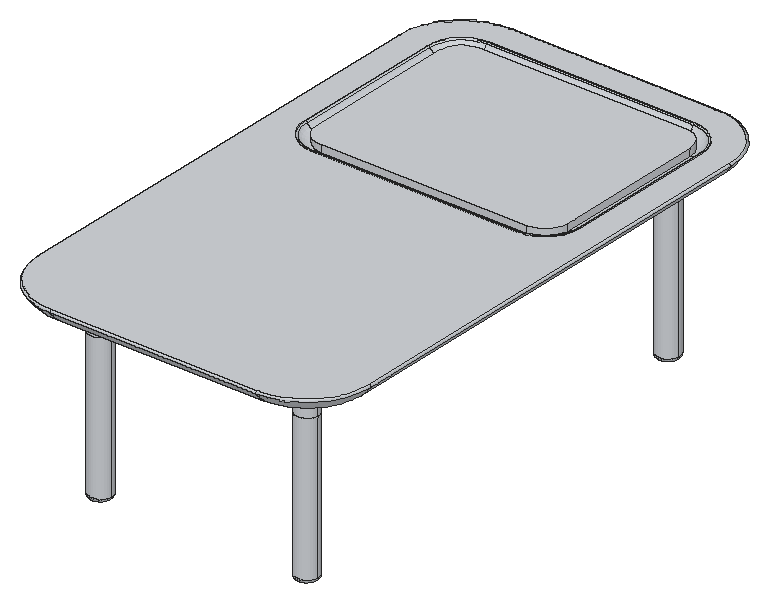
Revit family "TakeNote_RFA", category Furniture, Revit 2015
Parameters (values of type "Poppin Take Note 46" x 15" x 24"")
  Width = 46"
  URL = "http://www.poppin.com"
  Small Leg = yes
  Part additional = no
  Manufacturer = "Poppin, Inc."
  Tables = none
  Height = 15"
  Description = "Take Note Coffee Table"
  Depth = 24"
  Paper Pads = none
  Copyright = "Copyright © Poppin, Inc."
Types (3): name | Small Leg | Part additional | Height | Description
  (no name) | yes | no | 15" | "Take Note Coffee Table"
  Poppin Take Note 46" x 15" x 24" | yes | no | 15" | "Take Note Coffee Table"
  Poppin Take Note 46" x 13" x 24" | no | yes | 13" | "Cleo Credenza"
Reference planes (in)
  plane 1 "Center (Front/Back)": y = 0
  plane 2: z = 0
  plane 3 "Center (Left/Right)": x = 0
  plane 4: z = 15
  plane 5: z = 11.5
Forms (in)
  Extrusion 1, solid, material <- "Paper Pads", not visible
    sketch origin (0, 0, 0) x (1, 0, 0) y (0, 0, 1)
      loop
        arc (-25.17695, 28.00042) -> (-25.70728, 27.78075) -> (-25.92695, 27.25042) r 0.75
        line (-25.92695, 27.25042) -> (-25.92695, 5)
        arc (-25.92695, 5) -> (-25.70728, 4.46967) -> (-25.17695, 4.25) r 0.75
        line (-25.17695, 4.25) -> (25.36845, 4.25)
        arc (25.36845, 4.25) -> (25.86597, 4.45608) -> (26.07205, 4.95361) r 0.70361
        line (26.07205, 4.95361) -> (26.07205, 27.29762)
        arc (26.07205, 27.29762) -> (25.86621, 27.79457) -> (25.36926, 28.00042) r 0.7028
        line (25.36926, 28.00042) -> (-25.17695, 28.00042)
      loop
        arc (25.57205, 27.29762) -> (25.51266, 27.44102) -> (25.36926, 27.50042) r 0.2028
        line (25.36926, 27.50042) -> (-25.17695, 27.50042)
        arc (-25.17695, 27.50042) -> (-25.35372, 27.42719) -> (-25.42695, 27.25042) r 0.25
        line (-25.42695, 27.25042) -> (-25.42695, 5)
        arc (-25.42695, 5) -> (-25.35372, 4.82322) -> (-25.17695, 4.75) r 0.25
        line (-25.17695, 4.75) -> (25.36845, 4.75)
        arc (25.36845, 4.75) -> (25.51242, 4.80964) -> (25.57205, 4.95361) r 0.20361
        line (25.57205, 4.95361) -> (25.57205, 27.29762)
    from -8.28354 to 8.23024
  Extrusion 2, solid, material <- "Paper Pads", not visible
    sketch origin (0, 0, 0) x (1, 0, 0) y (0, 0, 1)
      loop
        line (25.36926, 28.00042) -> (-25.17695, 28.00042)
        arc (-25.17695, 28.00042) -> (-25.70728, 27.78075) -> (-25.92695, 27.25042) r 0.75
        line (-25.92695, 27.25042) -> (-25.92695, 5)
        arc (-25.92695, 5) -> (-25.70728, 4.46967) -> (-25.17695, 4.25) r 0.75
        line (-25.17695, 4.25) -> (25.36845, 4.25)
        arc (25.36845, 4.25) -> (25.86597, 4.45608) -> (26.07205, 4.95361) r 0.70361
        line (26.07205, 4.95361) -> (26.07205, 27.29762)
        arc (26.07205, 27.29762) -> (25.86621, 27.79457) -> (25.36926, 28.00042) r 0.7028
      loop
        circle (-19.36348, 22.50565) r 1
      loop
        circle (-6.36348, 22.50565) r 1
      loop
        circle (-19.36348, 9.50565) r 1
      loop
        circle (-6.36348, 9.50565) r 1
      loop
        circle (6.51152, 9.50565) r 1
      loop
        circle (19.51152, 9.50565) r 1
      loop
        circle (6.51152, 22.50565) r 1
      loop
        circle (19.51152, 22.50565) r 1
    from -8.76976 to -8.28354
  Extrusion 3, solid, material <- "Paper Pads", not visible
    sketch origin (0, 0, 0) x (1, 0, 0) y (0, 0, 1)
      loop
        line (-0.29498, 27.25) -> (-0.29498, 5) -> (0.45502, 5) -> (0.45502, 27.25) -> (-0.29498, 27.25)
    from -8.28354 to 8.26961
  Extrusion 4, solid, material <- "Paper Pads", not visible
    sketch origin (0, 0, 0) x (1, 0, 0) y (0, 0, 1)
      loop
        line (-25.11093, 16.5) -> (-25.11093, 15.75) -> (-0.35404, 15.75) -> (-0.35404, 16.5) -> (-25.11093, 16.5)
      loop
        line (0.51407, 16.5) -> (0.51407, 15.75) -> (25.27096, 15.75) -> (25.27096, 16.5) -> (0.51407, 16.5)
    from -7.65854 to 7.99446
  Revolve 5, void, not visible
    sketch origin (-24.4582, 0, 28.00042) x (1, 0, 0) y (0, 1, 0)
      loop
        arc (18.52875, -7.8803) -> (18.25198, -7.99408) -> (18.13524, -8.26961) r 0.39353
        line (18.13524, -8.26961) -> (30.87244, -8.26961)
        arc (30.87244, -8.26961) -> (30.7557, -7.99408) -> (30.47893, -7.8803) r 0.39353
        line (30.47893, -7.8803) -> (18.52875, -7.8803)
      axis (18.13524, -8.26961) -> (30.87244, -8.26961)
    angle from 0 to 90
  Extrusion 6, solid, material <- "Tables"
    sketch origin (0, 0, 0) x (1, 0, 0) y (0, 1, 0)
      loop
        arc (-8.0428, 22.40251) -> (-11.50594, 20.96803) -> (-12.94041, 17.5049) r 4.89761
        line (-12.94041, 17.5049) -> (-12.94041, -17.49717)
        arc (-12.94041, -17.49717) -> (-11.50148, -20.97106) -> (-8.02759, -22.40999) r 4.91282
        line (-8.02759, -22.40999) -> (7.92055, -22.40999)
        arc (7.92055, -22.40999) -> (11.42794, -20.95719) -> (12.88074, -17.4498) r 4.96019
        line (12.88074, -17.4498) -> (12.88074, 17.45387)
        arc (12.88074, 17.45387) -> (11.43132, 20.95309) -> (7.93211, 22.40251) r 4.94864
        line (7.93211, 22.40251) -> (-8.0428, 22.40251)
    from 13.5 to 15
  Extrusion 7, solid, material <- "Tables", visible <- "Small Leg"
    sketch origin (0, 0, 5) x (1, 0, 0) y (0, 1, 0)
      loop
        circle (-8.04451, 17.50953) r 0.8749
      loop
        circle (7.95549, 17.49391) r 0.8749
      loop
        circle (7.94886, -17.49271) r 0.8749
      loop
        circle (-8.05114, -17.49271) r 0.8749
    from 6.50688 to 8.5
  Revolve 8, solid, material <- "Tables"
    sketch origin (-0.00662, -17.49271, 0) x (1, 0, 0) y (0, 0, 1)
      loop
        arc (-7.41961, 0) -> (-7.24284, 0.07322) -> (-7.16961, 0.25) r 0.25
        line (-7.16961, 0.25) -> (-7.16961, 11.5) -> (-8.04451, 11.5) -> (-8.04451, 0) -> (-7.41961, 0)
      axis (-8.04451, 0) -> (-8.04451, 11.5)
    angle from 0 to 360
  Revolve 9, solid, material <- "Tables"
    sketch origin (15.99338, -17.49271, 0) x (1, 0, 0) y (0, 0, 1)
      loop
        arc (-7.41961, 0) -> (-7.24284, 0.07322) -> (-7.16961, 0.25) r 0.25
        line (-7.16961, 0.25) -> (-7.16961, 11.5) -> (-8.04451, 11.5) -> (-8.04451, 0) -> (-7.41961, 0)
      axis (-8.04451, 0) -> (-8.04451, 11.5)
    angle from 0 to 360
  Revolve 10, solid, material <- "Tables"
    sketch origin (16, 17.49391, 0) x (1, 0, 0) y (0, 0, 1)
      loop
        arc (-7.41961, 0) -> (-7.24284, 0.07322) -> (-7.16961, 0.25) r 0.25
        line (-7.16961, 0.25) -> (-7.16961, 11.5) -> (-8.04451, 11.5) -> (-8.04451, 0) -> (-7.41961, 0)
      axis (-8.04451, 0) -> (-8.04451, 11.5)
    angle from 0 to 360
  Revolve 11, solid, material <- "Tables"
    sketch origin (0, 17.50953, 0) x (1, 0, 0) y (0, 0, 1)
      loop
        arc (-7.41961, 0) -> (-7.24284, 0.07322) -> (-7.16961, 0.25) r 0.25
        line (-7.16961, 0.25) -> (-7.16961, 11.5) -> (-8.04451, 11.5) -> (-8.04451, 0) -> (-7.41961, 0)
      axis (-8.04451, 0) -> (-8.04451, 11.5)
    angle from 0 to 360
  Sweep 12, void
    path in 3D
      loop
        arc (12.88074, 17.45387, 15) -> (11.43132, 20.95309, 15) -> (7.93211, 22.40251, 15) r 4.94864
        line (7.93211, 22.40251, 15) -> (-8.0428, 22.40251, 15)
        arc (-8.0428, 22.40251, 15) -> (-11.50594, 20.96803, 15) -> (-12.94041, 17.5049, 15) r 4.89761
        line (-12.94041, 17.5049, 15) -> (-12.94041, -17.49717, 15)
        arc (-12.94041, -17.49717, 15) -> (-11.50148, -20.97106, 15) -> (-8.02759, -22.40999, 15) r 4.91282
        line (-8.02759, -22.40999, 15) -> (7.92055, -22.40999, 15)
        arc (7.92055, -22.40999, 15) -> (11.42794, -20.95719, 15) -> (12.88074, -17.4498, 15) r 4.96019
        line (12.88074, -17.4498, 15) -> (12.88074, 17.45387, 15)
    profile origin (12.88074, 0.00203, 15) x (-1, 0, 0) y (0, 0, 1)
      loop
        line (0.29083, 0) -> (0.29083, 0.25) -> (-0.70917, 0.25) -> (-0.70917, -1.5) -> (2.29083, -1.5)
        arc (2.29083, -1.5) -> (0.98803, -1.10459) -> (0.02727, -0.13991) r 2.79116
        arc (0.02727, -0.13991) -> (0.07763, -0.03062) -> (0.194, 0) r 0.14102
        line (0.194, 0) -> (0.29083, 0)
  Extrusion 13, void
    sketch origin (0, 0, 13.5) x (1, 0, 0) y (0, 1, 0)
      loop
        circle (-3.79403, 0.00364) r 1.15177
      loop
        circle (-1.2894, 0.00364) r 1.15177
      loop
        circle (1.20597, 0.00364) r 1.15177
      loop
        circle (3.7106, 0.00364) r 1.15177
    from 0 to 0.40283
  Revolve 14, solid, material <- "Tables", visible <- "Part additional"
    sketch origin (-3.79403, 0.00364, 0) x (0, 1, 0) y (0, 0, 1)
      loop
        line (-0.74545, 10.23622) -> (-0.74545, 10.3013) -> (-0.28289, 10.3581) -> (-0.28289, 10.6754) -> (-0.28289, 10.97082) -> (-0.03635, 11.14345) -> (0, 11.14345) -> (0, 12.23622) -> (-0.86637, 12.23622) -> (-0.86637, 10.23622) -> (-0.74545, 10.23622)
      axis (0, 10.23622) -> (0, 12.23622)
    angle from 0 to 360
  Revolve 15, solid, material <- "Tables", visible <- "Part additional"
    sketch origin (-1.2894, 0.00364, 0) x (0, 1, 0) y (0, 0, 1)
      loop
        line (-0.74545, 10.23622) -> (-0.74545, 10.3013) -> (-0.28289, 10.3581) -> (-0.28289, 10.6754) -> (-0.28289, 10.97082) -> (-0.03635, 11.14345) -> (0, 11.14345) -> (0, 12.23622) -> (-0.86637, 12.23622) -> (-0.86637, 10.23622) -> (-0.74545, 10.23622)
      axis (0, 10.23622) -> (0, 12.23622)
    angle from 0 to 360
  Revolve 16, solid, material <- "Tables", visible <- "Part additional"
    sketch origin (1.20597, 0.00364, 0) x (0, 1, 0) y (0, 0, 1)
      loop
        line (-0.74545, 10.23622) -> (-0.74545, 10.3013) -> (-0.28289, 10.3581) -> (-0.28289, 10.6754) -> (-0.28289, 10.97082) -> (-0.03635, 11.14345) -> (0, 11.14345) -> (0, 12.23622) -> (-0.86637, 12.23622) -> (-0.86637, 10.23622) -> (-0.74545, 10.23622)
      axis (0, 10.23622) -> (0, 12.23622)
    angle from 0 to 360
  Revolve 17, solid, material <- "Tables", visible <- "Part additional"
    sketch origin (3.7106, 0.00364, 0) x (0, 1, 0) y (0, 0, 1)
      loop
        line (-0.74545, 10.23622) -> (-0.74545, 10.3013) -> (-0.28289, 10.3581) -> (-0.28289, 10.6754) -> (-0.28289, 10.97082) -> (-0.03635, 11.14345) -> (0, 11.14345) -> (0, 12.23622) -> (-0.86637, 12.23622) -> (-0.86637, 10.23622) -> (-0.74545, 10.23622)
      axis (0, 10.23622) -> (0, 12.23622)
    angle from 0 to 360
  Extrusion 18, void
    sketch origin (0, 0, 15) x (0, 1, 0) y (1, 0, 0)
      loop
        line (20.09817, -8.04258) -> (20.09817, 7.96081)
        arc (20.09817, 7.96081) -> (19.32812, 9.81986) -> (17.46907, 10.58991) r 2.62909
        line (17.46907, 10.58991) -> (5.62965, 10.58991)
        arc (5.62965, 10.58991) -> (3.7241, 9.8006) -> (2.9348, 7.89506) r 2.69485
        line (2.9348, 7.89506) -> (2.9348, -8.01006)
        arc (2.9348, -8.01006) -> (3.71309, -9.88903) -> (5.59206, -10.66732) r 2.65726
        line (5.59206, -10.66732) -> (17.47343, -10.66732)
        arc (17.47343, -10.66732) -> (19.3294, -9.89855) -> (20.09817, -8.04258) r 2.62474
    from 0 to 0.51378
  Sweep 19, solid
    path in 3D
      loop
        arc (7.96081, 20.09817, 15) -> (9.81986, 19.32812, 15) -> (10.58991, 17.46907, 15) r 2.62909
        line (10.58991, 17.46907, 15) -> (10.58991, 5.62965, 15)
        arc (10.58991, 5.62965, 15) -> (9.8006, 3.7241, 15) -> (7.89506, 2.9348, 15) r 2.69485
        line (7.89506, 2.9348, 15) -> (-8.01006, 2.9348, 15)
        arc (-8.01006, 2.9348, 15) -> (-9.88903, 3.71309, 15) -> (-10.66732, 5.59206, 15) r 2.65726
        line (-10.66732, 5.59206, 15) -> (-10.66732, 17.47343, 15)
        arc (-10.66732, 17.47343, 15) -> (-9.89855, 19.3294, 15) -> (-8.04258, 20.09817, 15) r 2.62474
        line (-8.04258, 20.09817, 15) -> (7.96081, 20.09817, 15)
    profile origin (-0.04089, 20.09817, 15) x (0, 1, 0) y (0, 0, 1)
      loop
        arc (0, 0) -> (-0.07568, -0.02181) -> (-0.13241, -0.07645) r 0.16364
        arc (-0.13241, -0.07645) -> (-0.47065, -0.39659) -> (-0.92138, -0.51378) r 0.9347
        line (-0.92138, -0.51378) -> (0, -0.51378) -> (0, 0)
  Extrusion 20, solid, material <- "Paper Pads"
    sketch origin (0, 0, 0) x (1, 0, 0) y (0, 1, 0)
      loop
        line (7.96081, 19.17679) -> (-8.04258, 19.17679)
        arc (-8.04258, 19.17679) -> (-9.24704, 18.67789) -> (-9.74594, 17.47343) r 1.70336
        line (-9.74594, 17.47343) -> (-9.74594, 5.59206)
        arc (-9.74594, 5.59206) -> (-9.23751, 4.36461) -> (-8.01006, 3.85618) r 1.73588
        line (-8.01006, 3.85618) -> (7.89506, 3.85618)
        arc (7.89506, 3.85618) -> (9.14909, 4.37562) -> (9.66853, 5.62965) r 1.77347
        line (9.66853, 5.62965) -> (9.66853, 17.46907)
        arc (9.66853, 17.46907) -> (9.16835, 18.67661) -> (7.96081, 19.17679) r 1.70772
    from 14.25448 to 15
Cuts and joins
  Sweep 12, Extrusion 13, Extrusion 18 cuts Extrusion 6
Lines and regions (in)
  sketch lines
    curve 1: line (12.88074, -17.4498, 15) -> (12.88074, 17.45387, 15)
    curve 2: arc (7.93211, 22.40251, 15) -> (11.43132, 20.95309, 15) -> (12.88074, 17.45387, 15) r 4.94864
    curve 3: line (7.93211, 22.40251, 15) -> (-8.0428, 22.40251, 15)
    curve 4: arc (-12.94041, 17.5049, 15) -> (-11.50594, 20.96803, 15) -> (-8.0428, 22.40251, 15) r 4.89761
    curve 5: line (-12.94041, 17.5049, 15) -> (-12.94041, -17.49717, 15)
    curve 6: arc (-8.02759, -22.40999, 15) -> (-11.50148, -20.97106, 15) -> (-12.94041, -17.49717, 15) r 4.91282
    curve 7: line (-8.02759, -22.40999, 15) -> (7.92055, -22.40999, 15)
    curve 8: arc (12.88074, -17.4498, 15) -> (11.42794, -20.95719, 15) -> (7.92055, -22.40999, 15) r 4.96019
    curve 9: line (-8.04258, 20.09817, 15) -> (7.96081, 20.09817, 15)
    curve 10: arc (-8.04258, 20.09817, 15) -> (-9.89855, 19.3294, 15) -> (-10.66732, 17.47343, 15) r 2.62474
    curve 11: line (-10.66732, 5.59206, 15) -> (-10.66732, 17.47343, 15)
    curve 12: arc (-10.66732, 5.59206, 15) -> (-9.88903, 3.71309, 15) -> (-8.01006, 2.9348, 15) r 2.65726
    curve 13: line (7.89506, 2.9348, 15) -> (-8.01006, 2.9348, 15)
    curve 14: arc (7.89506, 2.9348, 15) -> (9.8006, 3.7241, 15) -> (10.58991, 5.62965, 15) r 2.69485
    curve 15: line (10.58991, 17.46907, 15) -> (10.58991, 5.62965, 15)
    curve 16: arc (10.58991, 17.46907, 15) -> (9.81986, 19.32812, 15) -> (7.96081, 20.09817, 15) r 2.62909
Dimensions and locks (in)
  locked: Extrusion 6 to Extrusion 6 at 1.5
  "Height": plane 4 to level
  locked: cut or joined group of Extrusion 6, Sweep 12, Extrusion 13, Extrusion 18 to cut or joined group of Extrusion 6, Sweep 12, Extrusion 13, Extrusion 18 at 0.51378
  locked: Extrusion 20 to plane 4 at 0.74552
  aligned and locked: level to plane 2
  aligned and locked: Extrusion 2 sketch curve to Extrusion 1  (x8)
  aligned and locked: plane 4 to Extrusion 6
  aligned and locked: plane 5 to Revolve 8
  aligned and locked: plane 5 to Revolve 11
  aligned and locked: plane 5 to Revolve 9
  aligned and locked: plane 5 to Revolve 10
  aligned and locked: plane 4 to Extrusion 20
Automatic sketch dimensions
  Extrusion 6 sketch curve to plane 3 "Center (Left/Right)" = 12.94041"
  Extrusion 6 sketch curve to Extrusion 6 sketch curve = 4.89761"
  Extrusion 6 sketch curve to Extrusion 6 sketch curve = 4.91282"
  plane 3 "Center (Left/Right)" to Extrusion 6 sketch curve = 7.92055"
  plane 3 "Center (Left/Right)" to Extrusion 6 sketch curve = 7.93211"
  Extrusion 6 sketch curve to Extrusion 6 sketch curve = 4.94864"
  plane 1 "Center (Front/Back)" to Extrusion 6 sketch curve = 22.40999"
  Extrusion 6 sketch curve to plane 1 "Center (Front/Back)" = 17.45387"
  Extrusion 7 sketch curve to plane 3 "Center (Left/Right)" = 8.05114"
  Extrusion 7 sketch curve to plane 3 "Center (Left/Right)" = 8.04451"
  plane 3 "Center (Left/Right)" to Extrusion 7 sketch curve = 7.94886"
  plane 3 "Center (Left/Right)" to Extrusion 7 sketch curve = 7.95549"
  plane 1 "Center (Front/Back)" to Extrusion 7 sketch curve = 17.49271"
  Extrusion 7 sketch curve to Extrusion 7 sketch curve = 0"
  Extrusion 7 sketch curve to plane 1 "Center (Front/Back)" = 17.49391"
  Extrusion 7 sketch curve to Extrusion 7 sketch curve = 1/64"
  Revolve 8 sketch curve to level = 0"
  Revolve 8 sketch curve to plane 5 = 0"
  Revolve 8 sketch curve to plane 3 "Center (Left/Right)" = 8.05114"
  Revolve 8 sketch curve to Revolve 8 sketch curve = 0.6249"
  level to Revolve 8 sketch curve = 1/4"  (x2)
  Revolve 8 sketch curve to Revolve 8 sketch curve = 0"
  Revolve 8 sketch curve to Revolve 8 sketch curve = 0.65074"
  Revolve 9 sketch curve to level = 0"
  Revolve 9 sketch curve to plane 5 = 0"
  plane 3 "Center (Left/Right)" to Revolve 9 sketch curve = 7.94886"
  Revolve 9 sketch curve to Revolve 9 sketch curve = 0.6249"
  level to Revolve 9 sketch curve = 1/4"  (x2)
  Revolve 9 sketch curve to Revolve 9 sketch curve = 0"
  Revolve 9 sketch curve to Revolve 9 sketch curve = 0.65074"
  Revolve 10 sketch curve to level = 0"
  Revolve 10 sketch curve to plane 5 = 0"
  plane 3 "Center (Left/Right)" to Revolve 10 sketch curve = 7.95549"
  Revolve 10 sketch curve to Revolve 10 sketch curve = 0.6249"
  level to Revolve 10 sketch curve = 1/4"  (x2)
  Revolve 10 sketch curve to Revolve 10 sketch curve = 0"
  Revolve 10 sketch curve to Revolve 10 sketch curve = 0.65074"
  Revolve 11 sketch curve to level = 0"
  Revolve 11 sketch curve to plane 5 = 0"
  Revolve 11 sketch curve to plane 3 "Center (Left/Right)" = 8.04451"
  Revolve 11 sketch curve to Revolve 11 sketch curve = 0.6249"
  level to Revolve 11 sketch curve = 1/4"  (x2)
  Revolve 11 sketch curve to Revolve 11 sketch curve = 0"
  Revolve 11 sketch curve to Revolve 11 sketch curve = 0.65074"
  Sweep 12 sketch curve to profile plane = 0"
  profile plane to Sweep 12 sketch curve = 1/4"
  profile plane to Sweep 12 sketch curve = 0.70917"
  Sweep 12 sketch curve to profile plane = 0.16828"
  Sweep 12 sketch curve to Sweep 12 sketch curve = 0.02573"
  Sweep 12 sketch curve to Sweep 12 sketch curve = 0.09683"
  Sweep 12 sketch curve to profile plane = 2.29083"
  profile plane to Sweep 12 sketch curve = 1.28791"
  Sweep 12 sketch curve to Sweep 12 sketch curve = 2.13475"
  Sweep 12 sketch curve to profile plane = 0.13865"
  Sweep 12 sketch curve to profile plane = 1 1/2"
  Extrusion 6 to Extrusion 13 sketch curve = 9.14639"
  Extrusion 13 sketch curve to Extrusion 13 sketch curve = 2.50462"  (x2)
  Extrusion 13 sketch curve to Extrusion 13 sketch curve = 2.49538"
  Extrusion 6 to Extrusion 13 sketch curve = 22.39886"
  Extrusion 13 sketch curve to Extrusion 13 sketch curve = 0"  (x3)
  plane 1 "Center (Front/Back)" to Revolve 14 sketch curve = 0.86273"
  Revolve 14 sketch curve to Revolve 14 sketch curve = 0.12092"
  plane 1 "Center (Front/Back)" to Revolve 14 sketch curve = 0.27925"
  plane 1 "Center (Front/Back)" to Revolve 14 sketch curve = 0.03271"
  Revolve 14 sketch curve to plane 1 "Center (Front/Back)" = 0.00364"  (x2)
  Revolve 14 sketch curve to plane 5 = 1.26378"
  Revolve 14 sketch curve to Revolve 14 sketch curve = 0.06508"
  Revolve 14 sketch curve to Revolve 14 sketch curve = 0.0568"
  Revolve 14 sketch curve to Revolve 14 sketch curve = 0.31731"
  Revolve 14 sketch curve to Revolve 14 sketch curve = 0.29541"
  Revolve 14 sketch curve to Revolve 14 sketch curve = 0.17263"
  plane 5 to Revolve 14 sketch curve = 0.73622"
  plane 5 to Revolve 14 sketch curve = 0.18983"
  Revolve 14 sketch curve to Revolve 14 sketch curve = 0.24053"
  plane 1 "Center (Front/Back)" to Revolve 15 sketch curve = 0.86273"
  Revolve 15 sketch curve to Revolve 15 sketch curve = 0.12092"
  plane 1 "Center (Front/Back)" to Revolve 15 sketch curve = 0.27925"
  plane 1 "Center (Front/Back)" to Revolve 15 sketch curve = 0.03271"
  Revolve 15 sketch curve to plane 1 "Center (Front/Back)" = 0.00364"  (x2)
  Revolve 15 sketch curve to plane 5 = 1.26378"
  Revolve 15 sketch curve to Revolve 15 sketch curve = 0.06508"
  Revolve 15 sketch curve to Revolve 15 sketch curve = 0.0568"
  Revolve 15 sketch curve to Revolve 15 sketch curve = 0.31731"
  Revolve 15 sketch curve to Revolve 15 sketch curve = 0.29541"
  Revolve 15 sketch curve to Revolve 15 sketch curve = 0.17263"
  plane 5 to Revolve 15 sketch curve = 0.73622"
  plane 5 to Revolve 15 sketch curve = 0.18983"
  Revolve 15 sketch curve to Revolve 15 sketch curve = 0.24053"
  plane 1 "Center (Front/Back)" to Revolve 16 sketch curve = 0.86273"
  Revolve 16 sketch curve to Revolve 16 sketch curve = 0.12092"
  plane 1 "Center (Front/Back)" to Revolve 16 sketch curve = 0.27925"
  plane 1 "Center (Front/Back)" to Revolve 16 sketch curve = 0.03271"
  Revolve 16 sketch curve to plane 1 "Center (Front/Back)" = 0.00364"  (x2)
  Revolve 16 sketch curve to plane 5 = 1.26378"
  Revolve 16 sketch curve to Revolve 16 sketch curve = 0.06508"
  Revolve 16 sketch curve to Revolve 16 sketch curve = 0.0568"
  Revolve 16 sketch curve to Revolve 16 sketch curve = 0.31731"
  Revolve 16 sketch curve to Revolve 16 sketch curve = 0.29541"
  Revolve 16 sketch curve to Revolve 16 sketch curve = 0.17263"
  plane 5 to Revolve 16 sketch curve = 0.73622"
  plane 5 to Revolve 16 sketch curve = 0.18983"
  Revolve 16 sketch curve to Revolve 16 sketch curve = 0.24053"
  plane 1 "Center (Front/Back)" to Revolve 17 sketch curve = 0.86273"
  Revolve 17 sketch curve to Revolve 17 sketch curve = 0.12092"
  plane 1 "Center (Front/Back)" to Revolve 17 sketch curve = 0.27925"
  plane 1 "Center (Front/Back)" to Revolve 17 sketch curve = 0.03271"
  Revolve 17 sketch curve to plane 1 "Center (Front/Back)" = 0.00364"  (x2)
  Revolve 17 sketch curve to plane 5 = 1.26378"
  Revolve 17 sketch curve to Revolve 17 sketch curve = 0.06508"
  Revolve 17 sketch curve to Revolve 17 sketch curve = 0.0568"
  Revolve 17 sketch curve to Revolve 17 sketch curve = 0.31731"
  Revolve 17 sketch curve to Revolve 17 sketch curve = 0.29541"
  Revolve 17 sketch curve to Revolve 17 sketch curve = 0.17263"
  plane 5 to Revolve 17 sketch curve = 0.73622"
  plane 5 to Revolve 17 sketch curve = 0.18983"
  Revolve 17 sketch curve to Revolve 17 sketch curve = 0.24053"
  Extrusion 18 sketch curve to Extrusion 6 = 4.93035"
  Extrusion 18 sketch curve to Extrusion 6 = 19.46771"
  Extrusion 18 sketch curve to Extrusion 6 = 2.27309"
  Extrusion 18 sketch curve to Extrusion 18 sketch curve = 2.69485"
  Extrusion 18 sketch curve to Extrusion 6 = 2.29083"
  Extrusion 18 sketch curve to Extrusion 6 = 4.93344"
  Extrusion 18 sketch curve to Extrusion 6 = 4.92908"
  Extrusion 18 sketch curve to Extrusion 6 = 2.30434"
  Sweep 19 sketch curve to profile plane = 0"  (x2)
  Sweep 19 sketch curve to Sweep 19 sketch curve = 0.92138"
  profile plane to Sweep 19 sketch curve = 0.42092"
  profile plane to Sweep 19 sketch curve = 0.9238"
  Sweep 19 sketch curve to profile plane = 0.00613"
  Sweep 19 sketch curve to profile plane = 0.16352"
  Sweep 19 sketch curve to profile plane = 0.51378"
  Extrusion 20 sketch curve to plane 1 "Center (Front/Back)" = 5.59206"
  Extrusion 20 sketch curve to plane 3 "Center (Left/Right)" = 9.74594"
  Extrusion 20 sketch curve to Extrusion 20 sketch curve = 1.70336"
  Extrusion 20 sketch curve to Extrusion 20 sketch curve = 1.73588"
  plane 3 "Center (Left/Right)" to Extrusion 20 sketch curve = 7.89506"
  plane 3 "Center (Left/Right)" to Extrusion 20 sketch curve = 7.96081"
  Extrusion 20 sketch curve to Extrusion 20 sketch curve = 1.70772"
  Extrusion 20 sketch curve to Extrusion 20 sketch curve = 11.83942"
  radius of Extrusion 7 sketch curve = 0.8749"  (x4)
  radius of Extrusion 13 sketch curve = 1.15177"  (x4)
